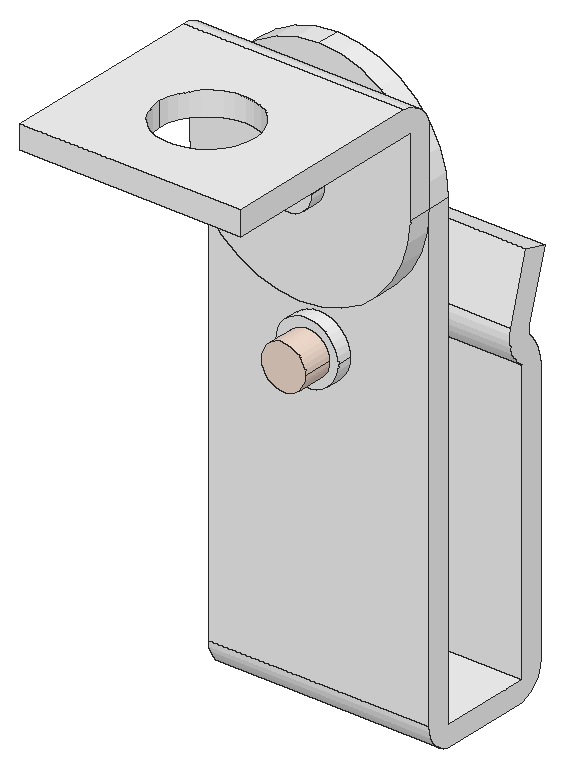
Revit family "rpfreehanger4_c38", category 機械設備, Revit 2022
Family settings
  丸型コネクタ寸法 = 直径を使用
  種別 = なし
  パーツ タイプ = 標準
  作業面ベース = いいえ
  常に垂直 = はい
  ロード時にボイドで切り取り = いいえ
  注釈の向きを維持 = いいえ
  共有 = いいえ
  部屋計算ポイント = いいえ
Parameters
  製造元 = "株式会社桐井製作所"
  既定の高さ = 0 mm
  URL = "https://www.kirii.co.jp/"
  K_角度 [instance] = 90.00°
  K_材質 = "SGHC　一般用"
  K_外形寸法(mm) = "H80.6"
  K_品名 = "RPフリーハンガー4分用(C-38)"
  K_名称 = "耐震ハンガー"
  K_入数 = "100"
  K_バージョン情報 = "20211012"
  K_めっき付着量 = "Z12"
  K_JIS規格 = "JIS G 3302"
Reference planes
  plane 1 "中心(正面/背面)": y = 0
  plane 2: z = 0
  plane 3 "中心(左/右)": x = 0
Forms (mm)
  Extrusion 1, void
    sketch origin (0, -2.263, 0) x (1, 0, 0) y (0, 1, 0)
      loop
        circle (0, -16.737) r 6.5
    from 10.8 to 14
  Extrusion 2, solid
    sketch origin (0, -3.2, 0) x (0, 1, 0) y (0, 0, 1)
      loop
        line (-1.05, 14) -> (-28.8, 14) -> (-28.8, 10.8) -> (0, 10.8) -> (0, -15) -> (3.2, -15) -> (3.2, 9.75)
        arc (3.2, 9.75) -> (1.955, 12.755) -> (-1.05, 14) r 4.25
    from -15 to 15
  Extrusion 3, solid
    sketch origin (0, 0, 0) x (1, 0, 0) y (0, 0, 1)
      loop
        circle (0, 0) r 3.25
    from 3.2 to 5.2
  Extrusion 4, void
    sketch origin (0, 0, 0) x (1, 0, 0) y (0, 0, 1)
      loop
        line (-15, 0) -> (-15, -15) -> (0, -15)
        arc (0, -15) -> (-10.607, -10.607) -> (-15, 0) r 15
    from 0 to 3.2
  Extrusion 5, void
    sketch origin (0, 0, 0) x (-1, 0, 0) y (0, 0, -1)
      loop
        arc (-15, 0) -> (-10.607, 10.607) -> (0, 15) r 15
        line (0, 15) -> (-15, 15) -> (-15, 0)
    from 0 to 3.2
Cuts and joins
  Extrusion 1, Extrusion 4, Extrusion 5 cuts Extrusion 2
  Extrusion 4, Extrusion 5 cuts Extrusion 3
  joined: Extrusion 2, Extrusion 3
Dimensions and locks
  "K_角度": angle nested 1 to plane 2
  aligned and locked: level to plane 2
Automatic sketch dimensions
  Extrusion 1 sketch curve to plane 3 "中心(左/右)" = 0 mm
  plane 1 "中心(正面/背面)" to Extrusion 1 sketch curve = 19 mm
  Extrusion 2 sketch curve to plane 1 "中心(正面/背面)" = 0 mm
  plane 1 "中心(正面/背面)" to Extrusion 2 sketch curve = 3.2 mm
  Extrusion 2 sketch curve to Extrusion 2 sketch curve = 1.05 mm
  Extrusion 2 sketch curve to Extrusion 2 sketch curve = 27.75 mm
  Extrusion 2 sketch curve to level = 15 mm
  level to Extrusion 2 sketch curve = 9.75 mm
  Extrusion 2 sketch curve to Extrusion 2 sketch curve = 3.2 mm
  Extrusion 3 sketch curve to level = 0 mm
  Extrusion 3 sketch curve to plane 3 "中心(左/右)" = 0 mm
  Extrusion 4 sketch curve to level = 0 mm  (x2)
  Extrusion 4 sketch curve to plane 3 "中心(左/右)" = 0 mm
  Extrusion 4 sketch curve to level = 15 mm
  Extrusion 5 sketch curve to level = 0 mm  (x2)
  Extrusion 5 sketch curve to plane 3 "中心(左/右)" = 0 mm
  level to Extrusion 5 sketch curve = 15 mm
  radius of Extrusion 1 sketch curve = 6.5 mm
  radius of Extrusion 3 sketch curve = 3.25 mm
Nested families
  nested 1: "RPフリーハンガー(C38用)下部金具" at (0, 0, 0), type "RPフリーハンガー(C38用)下部金具"
Definition of nested family "RPフリーハンガー(C38用)下部金具"
  Parameters (values of type "RPフリーハンガー(C38用)下部金具")
    Manufacturer = "株式会社桐井製作所"
    Default Elevation = 0 mm
    URL = "https://www.kirii.co.jp/"
    K_名称 = "RPフリーハンガー(C38用)下部金具"
    K_バージョン情報 = "20211012"
  Reference planes
    plane 1 "中心(正面/背面)": y = 0
    plane 2: z = 0
    plane 3 "中心(左/右)": x = 0
  Forms (mm)
    Extrusion 1, solid
      sketch origin (0, 2, -91) x (0, 1, 0) y (0, 0, 1)
        loop
          line (1.2, 106) -> (-2, 106) -> (-2, 28)
          arc (-2, 28) -> (-0.828, 25.172) -> (2, 24) r 4
          line (2, 24) -> (12.9, 24)
          arc (12.9, 24) -> (15.728, 25.172) -> (16.9, 28) r 4
          line (16.9, 28) -> (16.9, 63.756)
          arc (16.9, 63.756) -> (16.48, 66.054) -> (15.275, 68.055) r 6.5
          arc (15.275, 68.055) -> (14.932, 68.737) -> (14.97, 69.499) r 1.5
          line (14.97, 69.499) -> (17.563, 78.074) -> (14.5, 79) -> (11.911, 70.439)
          arc (11.911, 70.439) -> (11.952, 67.528) -> (13.7, 65.2) r 4.7
          line (13.7, 65.2) -> (13.7, 26.9) -> (1.2, 26.9) -> (1.2, 106)
      from -15 to 15
    Extrusion 2, void
      sketch origin (0, 0, 0) x (1, 0, 0) y (0, 0, 1)
        loop
          arc (3.5, -20.734) -> (0, -17.234) -> (-3.5, -20.734) r 3.5
          line (-3.5, -20.734) -> (-3.5, -23.3)
          arc (-3.5, -23.3) -> (0, -26.8) -> (3.5, -23.3) r 3.5
          line (3.5, -23.3) -> (3.5, -20.734)
      from -18.9 to -13.36
    Extrusion 3, void
      sketch origin (0, 0, 0) x (1, 0, 0) y (0, 0, 1)
        loop
          circle (0, -21.8) r 3
      from -3.2 to 2
    Extrusion 4, solid
      sketch origin (0, 0, 0) x (1, 0, 0) y (0, 0, 1)
        loop
          circle (0, -21.8) r 4.25
        loop
          circle (0, -21.8) r 3
      from 0 to 2
    Extrusion 5, solid
      sketch origin (0, 0, 0) x (1, 0, 0) y (0, 0, 1)
        loop
          circle (0, 0) r 5
      from -5 to -3.2
    Extrusion 6, void
      sketch origin (0, 0, 0) x (1, 0, 0) y (0, 0, 1)
        loop
          line (0, 15) -> (-15, 15) -> (-15, 0)
          arc (-15, 0) -> (-10.607, 10.607) -> (0, 15) r 15
      from -3.2 to 0
    Extrusion 7, void
      sketch origin (0, 0, 0) x (-1, 0, 0) y (0, 0, -1)
        loop
          arc (0, -15) -> (-10.607, -10.607) -> (-15, 0) r 15
          line (-15, 0) -> (-15, -15) -> (0, -15)
      from -3.2 to 0
    Extrusion 8, void
      sketch origin (-0.051, 0, -0.014) x (1, 0, 0) y (0, 0, 1)
        loop
          circle (8.646, -2.5) r 2.5
        loop
          circle (-8.646, -2.5) r 2.5
      from -3.2 to 0
  Cuts and joins
    Extrusion 2, Extrusion 3, Extrusion 6, Extrusion 7, Extrusion 8 cuts Extrusion 1
    Extrusion 6, Extrusion 7 cuts Extrusion 4
    Extrusion 6, Extrusion 7 cuts Extrusion 5
    joined: Extrusion 1, Extrusion 4, Extrusion 5
  Dimensions and locks
    aligned and locked: level to plane 2
  Nested families
    nested 1: "M6×25ボルト" at (0, 19.016, -21.612) x (-1, 0, 0) z (0, 0, 1), type "M6×25ボルト"
  Definition of nested family "M6×25ボルト"
    Parameters (values of type "M6×25ボルト")
      Manufacturer = "株式会社桐井製作所"
      Default Elevation = 0 mm
      URL = "https://www.kirii.co.jp/"
      K_名称 = "M6×25ボルト"
    Reference planes
      plane 1 "中心(正面/背面)": y = 0
      plane 2: z = 0
      plane 3 "中心(左/右)": x = 0
      plane 4 "正面": y = -4
    Forms (mm)
      Extrusion 1, solid
        sketch origin (0, 0, 0) x (1, 0, 0) y (0, 0, 1)
          loop
            line (-4.763, -2.946) -> (0, -5.696) -> (4.763, -2.946) -> (4.763, 2.554) -> (0, 5.304) -> (-4.763, 2.554) -> (-4.763, -2.946)
        from 0 to 4
      Extrusion 2, void
        sketch origin (0, -4, 0) x (-1, 0, 0) y (0, 0, 1)
          loop
            circle (0, -0.156) r 4.396
        from 0 to 1
      Extrusion 3, void
        sketch origin (0, -4, 0) x (-1, 0, 0) y (0, 0, 1)
          loop
            arc (-0.6, 1.814) -> (-1.069, 0.856) -> (-2.036, 0.404) r 1.605
            line (-2.036, 0.404) -> (-2.939, 0.404)
            arc (-2.939, 0.404) -> (-3, -0.195) -> (-2.94, -0.795) r 3
            line (-2.94, -0.795) -> (-2.049, -0.795)
            arc (-2.049, -0.795) -> (-1.074, -1.243) -> (-0.6, -2.206) r 1.605
            line (-0.6, -2.206) -> (-0.6, -3.135)
            arc (-0.6, -3.135) -> (0, -3.196) -> (0.6, -3.135) r 3
            line (0.6, -3.135) -> (0.6, -2.206)
            arc (0.6, -2.206) -> (1.074, -1.243) -> (2.049, -0.795) r 1.605
            line (2.049, -0.795) -> (2.94, -0.795)
            arc (2.94, -0.795) -> (3, -0.198) -> (2.941, 0.398) r 3
            line (2.941, 0.398) -> (2.117, 0.398)
            arc (2.117, 0.398) -> (1.098, 0.828) -> (0.6, 1.814) r 1.605
            line (0.6, 1.814) -> (0.6, 2.743)
            arc (0.6, 2.743) -> (0, 2.804) -> (-0.6, 2.743) r 3
            line (-0.6, 2.743) -> (-0.6, 1.814)
        from 0 to 2
      Extrusion 4, solid
        sketch origin (0, 0, 0) x (1, 0, 0) y (0, 0, 1)
          loop
            circle (-0.011, -0.2) r 3
        from 0 to -25
    Cuts and joins
      Extrusion 2, Extrusion 3 cuts Extrusion 1
      joined: Extrusion 1, Extrusion 4
    Dimensions and locks
      aligned and locked: level to plane 2
